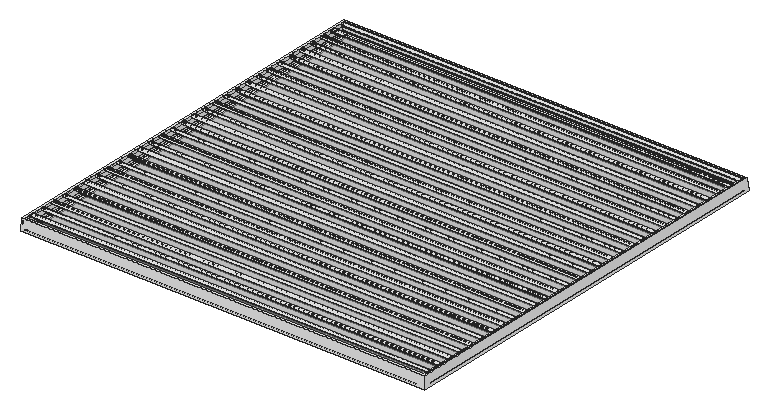
Revit family "NLRS_00_AIR_Muurrooster_ST-431_Storax", category Air Terminals, host Face, Revit 2023 (continued)
Definition of nested family "GEO_louvre_renson ST-033-00"
  Forms (mm)
    Sweep 22, solid, material <- "REN_V Material_01"
      profile "PRF_profile - middle_renson : standaard" origin (0, -194.961, -0.001) x (0, 1, 0) y (0, 0, 1)
        loop
          arc (-9.006, -19.454) -> (-8.248, -20.148) -> (-7.251, -20.4) r 2.1
          line (-7.251, -20.4) -> (-5.511, -20.4)
          arc (-5.511, -20.4) -> (-4.044, -19.871) -> (-3.251, -18.528) r 2.3
          arc (-3.251, -18.528) -> (-1.368, -19.046) -> (0.561, -19.355) r 17.9
          line (0.561, -19.355) -> (0.561, -20.25) -> (2.491, -20.4)
          arc (2.491, -20.4) -> (3.233, -20.071) -> (3.486, -19.3) r 1
          line (3.486, -19.3) -> (1.813, -19.3) -> (1.425, -18.323)
          arc (1.425, -18.323) -> (-1.348, -17.923) -> (-4.016, -17.068) r 16.8
          line (-4.016, -17.068) -> (-4.339, -17.843)
          arc (-4.339, -17.843) -> (-4.576, -18.852) -> (-5.511, -19.3) r 1.2
          line (-5.511, -19.3) -> (-7.251, -19.3)
          arc (-7.251, -19.3) -> (-7.725, -19.18) -> (-8.086, -18.849) r 1
          line (-8.086, -18.849) -> (-20.181, -0.451)
          arc (-20.181, -0.451) -> (-20.542, -0.12) -> (-21.017, 0) r 1
          line (-21.017, 0) -> (-33.33, 0) -> (-31.286, -1.374)
          arc (-31.286, -1.374) -> (-30.736, -1.42) -> (-30.287, -1.1) r 0.8
          line (-30.287, -1.1) -> (-23.809, -1.1) -> (-20.93, -1.25) -> (-19.566, -3.649) -> (-22.193, -3.649)
          arc (-22.193, -3.649) -> (-20.969, -5.184) -> (-19.058, -5.633) r 3
          arc (-19.058, -5.633) -> (-18.261, -5.771) -> (-17.651, -6.302) r 1.5
    Sweep 23, solid, material <- "REN_V Material_01"
      path origin (0, -1131.261, -0.001) x (1, 0, 0) y (0, 1, 0)
        loop
          line (-494.5, 903) -> (494.5, 903)
      profile "PRF_profile - middle_renson : standaard" origin (0, -228.261, -0.001) x (0, 1, 0) y (0, 0, 1)
        loop
          line (-17.651, -6.302) -> (-9.006, -19.454)
          arc (-9.006, -19.454) -> (-8.248, -20.148) -> (-7.251, -20.4) r 2.1
          line (-7.251, -20.4) -> (-5.511, -20.4)
          arc (-5.511, -20.4) -> (-4.044, -19.871) -> (-3.251, -18.528) r 2.3
          arc (-3.251, -18.528) -> (-1.368, -19.046) -> (0.561, -19.355) r 17.9
          line (0.561, -19.355) -> (0.561, -20.25) -> (2.491, -20.4)
          arc (2.491, -20.4) -> (3.233, -20.071) -> (3.486, -19.3) r 1
          line (3.486, -19.3) -> (1.813, -19.3) -> (1.425, -18.323)
          arc (1.425, -18.323) -> (-1.348, -17.923) -> (-4.016, -17.068) r 16.8
          line (-4.016, -17.068) -> (-4.339, -17.843)
          arc (-4.339, -17.843) -> (-4.576, -18.852) -> (-5.511, -19.3) r 1.2
          line (-5.511, -19.3) -> (-7.251, -19.3)
          arc (-7.251, -19.3) -> (-7.725, -19.18) -> (-8.086, -18.849) r 1
          line (-8.086, -18.849) -> (-20.181, -0.451)
          arc (-20.181, -0.451) -> (-20.542, -0.12) -> (-21.017, 0) r 1
          line (-21.017, 0) -> (-33.33, 0) -> (-31.286, -1.374)
          arc (-31.286, -1.374) -> (-30.736, -1.42) -> (-30.287, -1.1) r 0.8
          line (-30.287, -1.1) -> (-23.809, -1.1) -> (-20.93, -1.25) -> (-19.566, -3.649) -> (-22.193, -3.649)
          arc (-22.193, -3.649) -> (-20.969, -5.184) -> (-19.058, -5.633) r 3
          arc (-19.058, -5.633) -> (-18.261, -5.771) -> (-17.651, -6.302) r 1.5
    Sweep 24, solid, material <- "REN_V Material_01"
      path origin (0, -1164.561, -0.001) x (1, 0, 0) y (0, 1, 0)
        loop
          line (-494.5, 903) -> (494.5, 903)
      profile "PRF_profile - middle_renson : standaard" origin (0, -261.561, -0.001) x (0, 1, 0) y (0, 0, 1)
        loop
          line (-17.651, -6.302) -> (-9.006, -19.454)
          arc (-9.006, -19.454) -> (-8.248, -20.148) -> (-7.251, -20.4) r 2.1
          line (-7.251, -20.4) -> (-5.511, -20.4)
          arc (-5.511, -20.4) -> (-4.044, -19.871) -> (-3.251, -18.528) r 2.3
          arc (-3.251, -18.528) -> (-1.368, -19.046) -> (0.561, -19.355) r 17.9
          line (0.561, -19.355) -> (0.561, -20.25) -> (2.491, -20.4)
          arc (2.491, -20.4) -> (3.233, -20.071) -> (3.486, -19.3) r 1
          line (3.486, -19.3) -> (1.813, -19.3) -> (1.425, -18.323)
          arc (1.425, -18.323) -> (-1.348, -17.923) -> (-4.016, -17.068) r 16.8
          line (-4.016, -17.068) -> (-4.339, -17.843)
          arc (-4.339, -17.843) -> (-4.576, -18.852) -> (-5.511, -19.3) r 1.2
          line (-5.511, -19.3) -> (-7.251, -19.3)
          arc (-7.251, -19.3) -> (-7.725, -19.18) -> (-8.086, -18.849) r 1
          line (-8.086, -18.849) -> (-20.181, -0.451)
          arc (-20.181, -0.451) -> (-20.542, -0.12) -> (-21.017, 0) r 1
          line (-21.017, 0) -> (-33.33, 0) -> (-31.286, -1.374)
          arc (-31.286, -1.374) -> (-30.736, -1.42) -> (-30.287, -1.1) r 0.8
          line (-30.287, -1.1) -> (-23.809, -1.1) -> (-20.93, -1.25) -> (-19.566, -3.649) -> (-22.193, -3.649)
          arc (-22.193, -3.649) -> (-20.969, -5.184) -> (-19.058, -5.633) r 3
          arc (-19.058, -5.633) -> (-18.261, -5.771) -> (-17.651, -6.302) r 1.5
    Sweep 25, solid, material <- "REN_V Material_01"
      path origin (0, -1197.861, -0.001) x (1, 0, 0) y (0, 1, 0)
        loop
          line (-494.5, 903) -> (494.5, 903)
      profile "PRF_profile - middle_renson : standaard" origin (0, -294.861, -0.001) x (0, 1, 0) y (0, 0, 1)
        loop
          line (-17.651, -6.302) -> (-9.006, -19.454)
          arc (-9.006, -19.454) -> (-8.248, -20.148) -> (-7.251, -20.4) r 2.1
          line (-7.251, -20.4) -> (-5.511, -20.4)
          arc (-5.511, -20.4) -> (-4.044, -19.871) -> (-3.251, -18.528) r 2.3
          arc (-3.251, -18.528) -> (-1.368, -19.046) -> (0.561, -19.355) r 17.9
          line (0.561, -19.355) -> (0.561, -20.25) -> (2.491, -20.4)
          arc (2.491, -20.4) -> (3.233, -20.071) -> (3.486, -19.3) r 1
          line (3.486, -19.3) -> (1.813, -19.3) -> (1.425, -18.323)
          arc (1.425, -18.323) -> (-1.348, -17.923) -> (-4.016, -17.068) r 16.8
          line (-4.016, -17.068) -> (-4.339, -17.843)
          arc (-4.339, -17.843) -> (-4.576, -18.852) -> (-5.511, -19.3) r 1.2
          line (-5.511, -19.3) -> (-7.251, -19.3)
          arc (-7.251, -19.3) -> (-7.725, -19.18) -> (-8.086, -18.849) r 1
          line (-8.086, -18.849) -> (-20.181, -0.451)
          arc (-20.181, -0.451) -> (-20.542, -0.12) -> (-21.017, 0) r 1
          line (-21.017, 0) -> (-33.33, 0) -> (-31.286, -1.374)
          arc (-31.286, -1.374) -> (-30.736, -1.42) -> (-30.287, -1.1) r 0.8
          line (-30.287, -1.1) -> (-23.809, -1.1) -> (-20.93, -1.25) -> (-19.566, -3.649) -> (-22.193, -3.649)
          arc (-22.193, -3.649) -> (-20.969, -5.184) -> (-19.058, -5.633) r 3
          arc (-19.058, -5.633) -> (-18.261, -5.771) -> (-17.651, -6.302) r 1.5
    Sweep 26, solid, material <- "REN_V Material_01"
      path origin (0, -1231.161, -0.001) x (1, 0, 0) y (0, 1, 0)
        loop
          line (-494.5, 903) -> (494.5, 903)
      profile "PRF_profile - middle_renson : standaard" origin (0, -328.161, -0.001) x (0, 1, 0) y (0, 0, 1)
        loop
          line (-17.651, -6.302) -> (-9.006, -19.454)
          arc (-9.006, -19.454) -> (-8.248, -20.148) -> (-7.251, -20.4) r 2.1
          line (-7.251, -20.4) -> (-5.511, -20.4)
          arc (-5.511, -20.4) -> (-4.044, -19.871) -> (-3.251, -18.528) r 2.3
          arc (-3.251, -18.528) -> (-1.368, -19.046) -> (0.561, -19.355) r 17.9
          line (0.561, -19.355) -> (0.561, -20.25) -> (2.491, -20.4)
          arc (2.491, -20.4) -> (3.233, -20.071) -> (3.486, -19.3) r 1
          line (3.486, -19.3) -> (1.813, -19.3) -> (1.425, -18.323)
          arc (1.425, -18.323) -> (-1.348, -17.923) -> (-4.016, -17.068) r 16.8
          line (-4.016, -17.068) -> (-4.339, -17.843)
          arc (-4.339, -17.843) -> (-4.576, -18.852) -> (-5.511, -19.3) r 1.2
          line (-5.511, -19.3) -> (-7.251, -19.3)
          arc (-7.251, -19.3) -> (-7.725, -19.18) -> (-8.086, -18.849) r 1
          line (-8.086, -18.849) -> (-20.181, -0.451)
          arc (-20.181, -0.451) -> (-20.542, -0.12) -> (-21.017, 0) r 1
          line (-21.017, 0) -> (-33.33, 0) -> (-31.286, -1.374)
          arc (-31.286, -1.374) -> (-30.736, -1.42) -> (-30.287, -1.1) r 0.8
          line (-30.287, -1.1) -> (-23.809, -1.1) -> (-20.93, -1.25) -> (-19.566, -3.649) -> (-22.193, -3.649)
          arc (-22.193, -3.649) -> (-20.969, -5.184) -> (-19.058, -5.633) r 3
          arc (-19.058, -5.633) -> (-18.261, -5.771) -> (-17.651, -6.302) r 1.5
    Sweep 27, solid, material <- "REN_V Material_01"
      path origin (0, -1264.461, -0.001) x (1, 0, 0) y (0, 1, 0)
        loop
          line (-494.5, 903) -> (494.5, 903)
      profile "PRF_profile - middle_renson : standaard" origin (0, -361.461, -0.001) x (0, 1, 0) y (0, 0, 1)
        loop
          line (-17.651, -6.302) -> (-9.006, -19.454)
          arc (-9.006, -19.454) -> (-8.248, -20.148) -> (-7.251, -20.4) r 2.1
          line (-7.251, -20.4) -> (-5.511, -20.4)
          arc (-5.511, -20.4) -> (-4.044, -19.871) -> (-3.251, -18.528) r 2.3
          arc (-3.251, -18.528) -> (-1.368, -19.046) -> (0.561, -19.355) r 17.9
          line (0.561, -19.355) -> (0.561, -20.25) -> (2.491, -20.4)
          arc (2.491, -20.4) -> (3.233, -20.071) -> (3.486, -19.3) r 1
          line (3.486, -19.3) -> (1.813, -19.3) -> (1.425, -18.323)
          arc (1.425, -18.323) -> (-1.348, -17.923) -> (-4.016, -17.068) r 16.8
          line (-4.016, -17.068) -> (-4.339, -17.843)
          arc (-4.339, -17.843) -> (-4.576, -18.852) -> (-5.511, -19.3) r 1.2
          line (-5.511, -19.3) -> (-7.251, -19.3)
          arc (-7.251, -19.3) -> (-7.725, -19.18) -> (-8.086, -18.849) r 1
          line (-8.086, -18.849) -> (-20.181, -0.451)
          arc (-20.181, -0.451) -> (-20.542, -0.12) -> (-21.017, 0) r 1
          line (-21.017, 0) -> (-33.33, 0) -> (-31.286, -1.374)
          arc (-31.286, -1.374) -> (-30.736, -1.42) -> (-30.287, -1.1) r 0.8
          line (-30.287, -1.1) -> (-23.809, -1.1) -> (-20.93, -1.25) -> (-19.566, -3.649) -> (-22.193, -3.649)
          arc (-22.193, -3.649) -> (-20.969, -5.184) -> (-19.058, -5.633) r 3
          arc (-19.058, -5.633) -> (-18.261, -5.771) -> (-17.651, -6.302) r 1.5
    Sweep 28, solid, material <- "REN_V Material_01"
      path origin (0, -1297.761, -0.001) x (1, 0, 0) y (0, 1, 0)
        loop
          line (-494.5, 903) -> (494.5, 903)
      profile "PRF_profile - middle_renson : standaard" origin (0, -394.761, -0.001) x (0, 1, 0) y (0, 0, 1)
        loop
          line (-17.651, -6.302) -> (-9.006, -19.454)
          arc (-9.006, -19.454) -> (-8.248, -20.148) -> (-7.251, -20.4) r 2.1
          line (-7.251, -20.4) -> (-5.511, -20.4)
          arc (-5.511, -20.4) -> (-4.044, -19.871) -> (-3.251, -18.528) r 2.3
          arc (-3.251, -18.528) -> (-1.368, -19.046) -> (0.561, -19.355) r 17.9
          line (0.561, -19.355) -> (0.561, -20.25) -> (2.491, -20.4)
          arc (2.491, -20.4) -> (3.233, -20.071) -> (3.486, -19.3) r 1
          line (3.486, -19.3) -> (1.813, -19.3) -> (1.425, -18.323)
          arc (1.425, -18.323) -> (-1.348, -17.923) -> (-4.016, -17.068) r 16.8
          line (-4.016, -17.068) -> (-4.339, -17.843)
          arc (-4.339, -17.843) -> (-4.576, -18.852) -> (-5.511, -19.3) r 1.2
          line (-5.511, -19.3) -> (-7.251, -19.3)
          arc (-7.251, -19.3) -> (-7.725, -19.18) -> (-8.086, -18.849) r 1
          line (-8.086, -18.849) -> (-20.181, -0.451)
          arc (-20.181, -0.451) -> (-20.542, -0.12) -> (-21.017, 0) r 1
          line (-21.017, 0) -> (-33.33, 0) -> (-31.286, -1.374)
          arc (-31.286, -1.374) -> (-30.736, -1.42) -> (-30.287, -1.1) r 0.8
          line (-30.287, -1.1) -> (-23.809, -1.1) -> (-20.93, -1.25) -> (-19.566, -3.649) -> (-22.193, -3.649)
          arc (-22.193, -3.649) -> (-20.969, -5.184) -> (-19.058, -5.633) r 3
          arc (-19.058, -5.633) -> (-18.261, -5.771) -> (-17.651, -6.302) r 1.5
    Sweep 29, solid, material <- "REN_V Material_01", visible <- "WT_H Blade Profile Normal", not visible
      path origin (0, 50.771, 0) x (1, 0, 0) y (0, 1, 0)
        loop
          line (-494, -500) -> (494, -500)
      profile "NLRS_00_PRF_P-02013 : NLRS_00_PRF_P-02013" origin (0, -449.229, 0) x (0, 1, 0) y (0, 0, 1)
        loop
          arc (-2.993, -18.528) -> (-1.165, -19.034) -> (0.705, -19.343) r 17.9
          arc (0.705, -19.343) -> (1.081, -20.125) -> (1.904, -20.4) r 1.112
          line (1.904, -20.4) -> (2.749, -20.4)
          arc (2.749, -20.4) -> (3.491, -20.071) -> (3.744, -19.3) r 1
          line (3.744, -19.3) -> (1.871, -19.3) -> (1.871, -18.333)
          arc (1.871, -18.333) -> (-1.278, -17.879) -> (-4.284, -16.839) r 16.8
          arc (-4.284, -16.839) -> (-4.573, -17.042) -> (-4.347, -17.313) r 0.24
          arc (-4.347, -17.313) -> (-4.161, -18.598) -> (-5.253, -19.3) r 1.2
          line (-5.253, -19.3) -> (-6.993, -19.3)
          arc (-6.993, -19.3) -> (-7.467, -19.18) -> (-7.828, -18.849) r 1
          line (-7.828, -18.849) -> (-19.923, -0.451)
          arc (-19.923, -0.451) -> (-20.284, -0.12) -> (-20.759, 0) r 1
          line (-20.759, 0) -> (-33.3, 0) -> (-32.711, -0.589) -> (-31.028, -1.374)
          arc (-31.028, -1.374) -> (-30.551, -1.437) -> (-30.124, -1.215) r 0.8
          line (-30.124, -1.215) -> (-29.037, -1.1) -> (-23.798, -1.1) -> (-22.966, -1.25) -> (-20.672, -1.25) -> (-19.308, -3.649) -> (-21.935, -3.649)
          arc (-21.935, -3.649) -> (-20.711, -5.184) -> (-18.8, -5.633) r 3
          arc (-18.8, -5.633) -> (-18.003, -5.771) -> (-17.393, -6.302) r 1.5
          line (-17.393, -6.302) -> (-8.747, -19.454)
          arc (-8.747, -19.454) -> (-7.989, -20.148) -> (-6.993, -20.4) r 2.1
          line (-6.993, -20.4) -> (-5.253, -20.4)
          arc (-5.253, -20.4) -> (-3.785, -19.871) -> (-2.993, -18.528) r 2.3
    Sweep 30, solid, material <- "REN_V Material_01", visible <- "WT_H Blade Profile Small", not visible
      path origin (0, 50.771, 0) x (1, 0, 0) y (0, 1, 0)
        loop
          line (-494, -500) -> (494, -500)
      profile "NLRS_00_PRF_P-02015 : NLRS_00_PRF_P-02015" origin (0, -449.229, 0) x (0, 1, 0) y (0, 0, 1)
        loop
          arc (-3.037, -18.528) -> (-1.21, -19.034) -> (0.661, -19.343) r 17.9
          arc (0.661, -19.343) -> (1.036, -20.125) -> (1.859, -20.4) r 1.112
          line (1.859, -20.4) -> (2.705, -20.4)
          arc (2.705, -20.4) -> (3.447, -20.071) -> (3.7, -19.3) r 1
          line (3.7, -19.3) -> (1.827, -19.3) -> (1.827, -18.333)
          arc (1.827, -18.333) -> (-1.322, -17.879) -> (-4.329, -16.839) r 16.8
          arc (-4.329, -16.839) -> (-4.617, -17.042) -> (-4.391, -17.313) r 0.24
          arc (-4.391, -17.313) -> (-4.205, -18.598) -> (-5.297, -19.3) r 1.2
          line (-5.297, -19.3) -> (-7.037, -19.3)
          arc (-7.037, -19.3) -> (-7.512, -19.18) -> (-7.873, -18.849) r 1
          line (-7.873, -18.849) -> (-19.967, -0.451)
          arc (-19.967, -0.451) -> (-20.328, -0.12) -> (-20.803, 0) r 1
          line (-20.803, 0) -> (-26.155, 0) -> (-26.155, -1.25) -> (-20.716, -1.25) -> (-19.353, -3.649) -> (-21.979, -3.649)
          arc (-21.979, -3.649) -> (-20.755, -5.184) -> (-18.844, -5.633) r 3
          arc (-18.844, -5.633) -> (-18.047, -5.771) -> (-17.438, -6.302) r 1.5
          line (-17.438, -6.302) -> (-8.792, -19.454)
          arc (-8.792, -19.454) -> (-8.034, -20.148) -> (-7.037, -20.4) r 2.1
          line (-7.037, -20.4) -> (-5.297, -20.4)
          arc (-5.297, -20.4) -> (-3.83, -19.871) -> (-3.037, -18.528) r 2.3
    Sweep 31, solid, material <- "REN_V Material_01", visible <- "WT_H Blade Profile Large", not visible
      path origin (0, 50.771, 0) x (1, 0, 0) y (0, 1, 0)
        loop
          line (-494, -500) -> (494, -500)
      profile "NLRS_00_PRF_P-02016 : NLRS_00_PRF_P-02016" origin (0, -449.229, 0) x (0, 1, 0) y (0, 0, 1)
        loop
          arc (-3.037, -18.528) -> (-1.21, -19.034) -> (0.661, -19.343) r 17.9
          arc (0.661, -19.343) -> (1.036, -20.125) -> (1.859, -20.4) r 1.112
          line (1.859, -20.4) -> (2.705, -20.4)
          arc (2.705, -20.4) -> (3.447, -20.071) -> (3.7, -19.3) r 1
          line (3.7, -19.3) -> (1.827, -19.3) -> (1.827, -18.333)
          arc (1.827, -18.333) -> (-1.122, -17.926) -> (-3.952, -17.005) r 16.8
          arc (-3.952, -17.005) -> (-4.387, -17.184) -> (-4.199, -17.616) r 0.329
          arc (-4.199, -17.616) -> (-4.292, -18.755) -> (-5.297, -19.3) r 1.2
          line (-5.297, -19.3) -> (-7.037, -19.3)
          arc (-7.037, -19.3) -> (-7.512, -19.18) -> (-7.873, -18.849) r 1
          line (-7.873, -18.849) -> (-19.967, -0.451)
          arc (-19.967, -0.451) -> (-20.328, -0.12) -> (-20.803, 0) r 1
          line (-20.803, 0) -> (-34.214, 0) -> (-34.788, -0.993) -> (-45.799, -0.993) -> (-45.194, -1.598) -> (-43.544, -2.367)
          arc (-43.544, -2.367) -> (-43.097, -2.435) -> (-42.685, -2.25) r 0.8
          line (-42.685, -2.25) -> (-34.589, -2.25)
          arc (-34.589, -2.25) -> (-33.882, -1.957) -> (-33.589, -1.25) r 1
          line (-33.589, -1.25) -> (-20.716, -1.25) -> (-19.353, -3.649) -> (-21.979, -3.649)
          arc (-21.979, -3.649) -> (-20.755, -5.184) -> (-18.844, -5.633) r 3
          arc (-18.844, -5.633) -> (-18.047, -5.771) -> (-17.438, -6.302) r 1.5
          line (-17.438, -6.302) -> (-8.792, -19.454)
          arc (-8.792, -19.454) -> (-8.034, -20.148) -> (-7.037, -20.4) r 2.1
          line (-7.037, -20.4) -> (-5.297, -20.4)
          arc (-5.297, -20.4) -> (-3.83, -19.871) -> (-3.037, -18.528) r 2.3
    Sweep 32, solid, material <- "REN_V Material_01", visible <- "WT_H Blade Profile Large"
      path origin (0, 49.1, 0) x (1, 0, 0) y (0, 1, 0)
        loop
          line (-494.5, -510.7) -> (494.5, -510.7)
      profile "NLRS_00_PRF_P-02016 : NLRS_00_PRF_P-02016" origin (0, -461.6, 0) x (0, 1, 0) y (0, 0, 1)
        loop
          arc (-3.037, -18.528) -> (-1.21, -19.034) -> (0.661, -19.343) r 17.9
          arc (0.661, -19.343) -> (1.036, -20.125) -> (1.859, -20.4) r 1.112
          line (1.859, -20.4) -> (2.705, -20.4)
          arc (2.705, -20.4) -> (3.447, -20.071) -> (3.7, -19.3) r 1
          line (3.7, -19.3) -> (1.827, -19.3) -> (1.827, -18.333)
          arc (1.827, -18.333) -> (-1.122, -17.926) -> (-3.952, -17.005) r 16.8
          arc (-3.952, -17.005) -> (-4.387, -17.184) -> (-4.199, -17.616) r 0.329
          arc (-4.199, -17.616) -> (-4.292, -18.755) -> (-5.297, -19.3) r 1.2
          line (-5.297, -19.3) -> (-7.037, -19.3)
          arc (-7.037, -19.3) -> (-7.512, -19.18) -> (-7.873, -18.849) r 1
          line (-7.873, -18.849) -> (-19.967, -0.451)
          arc (-19.967, -0.451) -> (-20.328, -0.12) -> (-20.803, 0) r 1
          line (-20.803, 0) -> (-34.214, 0) -> (-34.788, -0.993) -> (-45.799, -0.993) -> (-45.194, -1.598) -> (-43.544, -2.367)
          arc (-43.544, -2.367) -> (-43.097, -2.435) -> (-42.685, -2.25) r 0.8
          line (-42.685, -2.25) -> (-34.589, -2.25)
          arc (-34.589, -2.25) -> (-33.882, -1.957) -> (-33.589, -1.25) r 1
          line (-33.589, -1.25) -> (-20.716, -1.25) -> (-19.353, -3.649) -> (-21.979, -3.649)
          arc (-21.979, -3.649) -> (-20.755, -5.184) -> (-18.844, -5.633) r 3
          arc (-18.844, -5.633) -> (-18.047, -5.771) -> (-17.438, -6.302) r 1.5
          line (-17.438, -6.302) -> (-8.792, -19.454)
          arc (-8.792, -19.454) -> (-8.034, -20.148) -> (-7.037, -20.4) r 2.1
          line (-7.037, -20.4) -> (-5.297, -20.4)
          arc (-5.297, -20.4) -> (-3.83, -19.871) -> (-3.037, -18.528) r 2.3
    Sweep 33, solid, material <- "REN_V Material_01", visible <- "WT_H Blade Profile Small"
      path origin (0, 49.1, 0) x (1, 0, 0) y (0, 1, 0)
        loop
          line (-494.5, -510.7) -> (494.5, -510.7)
      profile "NLRS_00_PRF_P-02015 : NLRS_00_PRF_P-02015" origin (0, -461.6, 0) x (0, 1, 0) y (0, 0, 1)
        loop
          arc (-3.037, -18.528) -> (-1.21, -19.034) -> (0.661, -19.343) r 17.9
          arc (0.661, -19.343) -> (1.036, -20.125) -> (1.859, -20.4) r 1.112
          line (1.859, -20.4) -> (2.705, -20.4)
          arc (2.705, -20.4) -> (3.447, -20.071) -> (3.7, -19.3) r 1
          line (3.7, -19.3) -> (1.827, -19.3) -> (1.827, -18.333)
          arc (1.827, -18.333) -> (-1.322, -17.879) -> (-4.329, -16.839) r 16.8
          arc (-4.329, -16.839) -> (-4.617, -17.042) -> (-4.391, -17.313) r 0.24
          arc (-4.391, -17.313) -> (-4.205, -18.598) -> (-5.297, -19.3) r 1.2
          line (-5.297, -19.3) -> (-7.037, -19.3)
          arc (-7.037, -19.3) -> (-7.512, -19.18) -> (-7.873, -18.849) r 1
          line (-7.873, -18.849) -> (-19.967, -0.451)
          arc (-19.967, -0.451) -> (-20.328, -0.12) -> (-20.803, 0) r 1
          line (-20.803, 0) -> (-26.155, 0) -> (-26.155, -1.25) -> (-20.716, -1.25) -> (-19.353, -3.649) -> (-21.979, -3.649)
          arc (-21.979, -3.649) -> (-20.755, -5.184) -> (-18.844, -5.633) r 3
          arc (-18.844, -5.633) -> (-18.047, -5.771) -> (-17.438, -6.302) r 1.5
          line (-17.438, -6.302) -> (-8.792, -19.454)
          arc (-8.792, -19.454) -> (-8.034, -20.148) -> (-7.037, -20.4) r 2.1
          line (-7.037, -20.4) -> (-5.297, -20.4)
          arc (-5.297, -20.4) -> (-3.83, -19.871) -> (-3.037, -18.528) r 2.3
    Sweep 34, solid, material <- "REN_V Material_01", visible <- "WT_H Blade Profile Normal"
      path origin (0, 49.056, 0) x (1, 0, 0) y (0, 1, 0)
        loop
          line (-494.5, -510.7) -> (494.5, -510.7)
      profile "NLRS_00_PRF_P-02013 : NLRS_00_PRF_P-02013" origin (0, -461.644, 0) x (0, 1, 0) y (0, 0, 1)
        loop
          arc (-2.993, -18.528) -> (-1.165, -19.034) -> (0.705, -19.343) r 17.9
          arc (0.705, -19.343) -> (1.081, -20.125) -> (1.904, -20.4) r 1.112
          line (1.904, -20.4) -> (2.749, -20.4)
          arc (2.749, -20.4) -> (3.491, -20.071) -> (3.744, -19.3) r 1
          line (3.744, -19.3) -> (1.871, -19.3) -> (1.871, -18.333)
          arc (1.871, -18.333) -> (-1.278, -17.879) -> (-4.284, -16.839) r 16.8
          arc (-4.284, -16.839) -> (-4.573, -17.042) -> (-4.347, -17.313) r 0.24
          arc (-4.347, -17.313) -> (-4.161, -18.598) -> (-5.253, -19.3) r 1.2
          line (-5.253, -19.3) -> (-6.993, -19.3)
          arc (-6.993, -19.3) -> (-7.467, -19.18) -> (-7.828, -18.849) r 1
          line (-7.828, -18.849) -> (-19.923, -0.451)
          arc (-19.923, -0.451) -> (-20.284, -0.12) -> (-20.759, 0) r 1
          line (-20.759, 0) -> (-33.3, 0) -> (-32.711, -0.589) -> (-31.028, -1.374)
          arc (-31.028, -1.374) -> (-30.551, -1.437) -> (-30.124, -1.215) r 0.8
          line (-30.124, -1.215) -> (-29.037, -1.1) -> (-23.798, -1.1) -> (-22.966, -1.25) -> (-20.672, -1.25) -> (-19.308, -3.649) -> (-21.935, -3.649)
          arc (-21.935, -3.649) -> (-20.711, -5.184) -> (-18.8, -5.633) r 3
          arc (-18.8, -5.633) -> (-18.003, -5.771) -> (-17.393, -6.302) r 1.5
          line (-17.393, -6.302) -> (-8.747, -19.454)
          arc (-8.747, -19.454) -> (-7.989, -20.148) -> (-6.993, -20.4) r 2.1
          line (-6.993, -20.4) -> (-5.253, -20.4)
          arc (-5.253, -20.4) -> (-3.785, -19.871) -> (-2.993, -18.528) r 2.3
    Sweep 35, solid, material <- "REN_V Material_01"
      path origin (0, -1331.061, -0.001) x (1, 0, 0) y (0, 1, 0)
        loop
          line (-494.5, 903) -> (494.5, 903)
      profile "PRF_profile - middle_renson : standaard" origin (0, -428.061, -0.001) x (0, 1, 0) y (0, 0, 1)
        loop
          line (-17.651, -6.302) -> (-9.006, -19.454)
          arc (-9.006, -19.454) -> (-8.248, -20.148) -> (-7.251, -20.4) r 2.1
          line (-7.251, -20.4) -> (-5.511, -20.4)
          arc (-5.511, -20.4) -> (-4.044, -19.871) -> (-3.251, -18.528) r 2.3
          arc (-3.251, -18.528) -> (-1.368, -19.046) -> (0.561, -19.355) r 17.9
          line (0.561, -19.355) -> (0.561, -20.25) -> (2.491, -20.4)
          arc (2.491, -20.4) -> (3.233, -20.071) -> (3.486, -19.3) r 1
          line (3.486, -19.3) -> (1.813, -19.3) -> (1.425, -18.323)
          arc (1.425, -18.323) -> (-1.348, -17.923) -> (-4.016, -17.068) r 16.8
          line (-4.016, -17.068) -> (-4.339, -17.843)
          arc (-4.339, -17.843) -> (-4.576, -18.852) -> (-5.511, -19.3) r 1.2
          line (-5.511, -19.3) -> (-7.251, -19.3)
          arc (-7.251, -19.3) -> (-7.725, -19.18) -> (-8.086, -18.849) r 1
          line (-8.086, -18.849) -> (-20.181, -0.451)
          arc (-20.181, -0.451) -> (-20.542, -0.12) -> (-21.017, 0) r 1
          line (-21.017, 0) -> (-33.33, 0) -> (-31.286, -1.374)
          arc (-31.286, -1.374) -> (-30.736, -1.42) -> (-30.287, -1.1) r 0.8
          line (-30.287, -1.1) -> (-23.809, -1.1) -> (-20.93, -1.25) -> (-19.566, -3.649) -> (-22.193, -3.649)
          arc (-22.193, -3.649) -> (-20.969, -5.184) -> (-19.058, -5.633) r 3
          arc (-19.058, -5.633) -> (-18.261, -5.771) -> (-17.651, -6.302) r 1.5
  Dimensions and locks
    equal spacing: plane 5, plane 3 "Center (Left/Right)", plane 6
    "WT_H Width": plane 5 to plane 6
    equal spacing: plane 7, plane 1 "Center (Front/Back)", plane 8
    "WT_H Height": plane 8 to plane 7
    "WT_H Depth": level to plane 4 "top"
    level to plane 9 = 5 mm
    "WT_H Profile middle_offset": plane 10 to plane 11
    "WT_H Width": Sweep 3 sketch curve to Sweep 3 sketch curve
    "WT_H Width": Sweep 4 sketch curve to Sweep 4 sketch curve
    equal spacing: group 1, group 2, group 3, group 4, group 5, group 6, group 7, group 8, group 9, group 10, group 11, group 12, group 13, group 14, group 15, group 16, group 17, group 18, group 19, group 20, group 21, group 22, group 23, group 24, group 25, group 26, group 30  (x2)
    equal spacing: group 30, group 26, group 25, group 24, group 23, group 22, group 21, group 20, group 19, group 18, group 17, group 16, group 15, group 14, group 13, group 12, group 11, group 10, group 9, group 8, group 7, group 6, group 5, group 4, group 3, group 2, group 1
    "WT_H Width": Sweep 5 sketch curve to Sweep 5 sketch curve
    "WT_H Width": Sweep 6 sketch curve to Sweep 6 sketch curve
    "WT_H Width": Sweep 7 sketch curve to Sweep 7 sketch curve
    "WT_H Width": Sweep 8 sketch curve to Sweep 8 sketch curve
    "WT_H Width": Sweep 9 sketch curve to Sweep 9 sketch curve
    "WT_H Width": Sweep 10 sketch curve to Sweep 10 sketch curve
    "WT_H Width": Sweep 11 sketch curve to Sweep 11 sketch curve
    "WT_H Width": Sweep 12 sketch curve to Sweep 12 sketch curve
    "WT_H Width": Sweep 13 sketch curve to Sweep 13 sketch curve
    "WT_H Width": Sweep 14 sketch curve to Sweep 14 sketch curve
    "WT_H Width": Sweep 15 sketch curve to Sweep 15 sketch curve
    "WT_H Width": Sweep 16 sketch curve to Sweep 16 sketch curve
    "WT_H Width": Sweep 17 sketch curve to Sweep 17 sketch curve
    "WT_H Width": Sweep 18 sketch curve to Sweep 18 sketch curve
    "WT_H Width": Sweep 19 sketch curve to Sweep 19 sketch curve
    "WT_H Width": Sweep 20 sketch curve to Sweep 20 sketch curve
    plane 7 to plane 8 = 1000 mm
    "WT_H_Flange Thickness": plane 7 to plane 41
    "WT_H Width": Sweep 21 sketch curve to Sweep 21 sketch curve
    "WT_H Width": Sweep 22 sketch curve to Sweep 22 sketch curve
    "WT_H Width": Sweep 23 sketch curve to Sweep 23 sketch curve
    "WT_H Width": Sweep 24 sketch curve to Sweep 24 sketch curve
    "WT_H Width": Sweep 25 sketch curve to Sweep 25 sketch curve
    "WT_H Width": Sweep 26 sketch curve to Sweep 26 sketch curve
    "WT_H Width": Sweep 27 sketch curve to Sweep 27 sketch curve
    "WT_H Width": Sweep 28 sketch curve to Sweep 28 sketch curve
    "WT_H_Flange Thickness": plane 42 to plane 8
    "WT_H Remaining Height": plane 43 to plane 42
    "WT_H Remaining Height": plane 44 to plane 42
    "WT_H Remaining Height": plane 45 to plane 42
    Sweep 34 to plane 8 = 5.645 mm
    "WT_H Width": Sweep 35 sketch curve to Sweep 35 sketch curve
    "WT_H Profile top_offset": plane 46 to plane 10
    plane 41 to plane 46 = 1 mm
    plane 37 to plane 47 = 33.3 mm
    plane 12 to plane 10 = 2.925 mm
    plane 41 to plane 42 = 980 mm
    plane 47 to plane 45 = 33.325 mm
    aligned and locked: plane 2 to Extrusion 1
    aligned and locked: level to Extrusion 1
    aligned and locked: plane 5 to Sweep 2 sketch curve
    aligned and locked: plane 6 to Sweep 2 sketch curve
    aligned and locked: Sweep 3 to plane 10  (x3)
    aligned and locked: Sweep 4 to plane 11
    aligned and locked: plane 45 to Sweep 34
    aligned and locked: plane 43 to Sweep 32
    aligned and locked: plane 44 to Sweep 33
    aligned and locked: plane 5 to Sweep 34 sketch curve
    aligned and locked: plane 6 to Sweep 34 sketch curve
    aligned and locked: plane 6 to Sweep 33 sketch curve
    aligned and locked: plane 5 to Sweep 33 sketch curve
    aligned and locked: plane 6 to Sweep 32 sketch curve
    aligned and locked: plane 5 to Sweep 32 sketch curve
    aligned and locked: plane 46 to Sweep 2 sketch curve
  Automatic sketch dimensions
    Extrusion 1 sketch curve to Extrusion 1 sketch curve = 2438.4 mm  (x2)
    plane 38 to Sweep 29 sketch curve = 3.744 mm
    Sweep 29 sketch curve to Sweep 29 sketch curve = 988 mm
    plane 39 to Sweep 30 sketch curve = 3.744 mm
    Sweep 30 sketch curve to Sweep 30 sketch curve = 988 mm
    plane 40 to Sweep 31 sketch curve = 3.744 mm
    Sweep 31 sketch curve to Sweep 31 sketch curve = 988 mm
    plane 43 to Sweep 32 sketch curve = 3.7 mm
    plane 44 to Sweep 33 sketch curve = 3.7 mm
    plane 45 to Sweep 34 sketch curve = 3.744 mm
Definition of nested family "NLRS_00_GM_Gaas_Storax"
  Parameters (values of type "Leeg")
    Width [instance] = 1011.1 mm
    Offset_Gaas_Top_Sides [instance] = 5.5 mm
    Offset_Gaas_Bottom [instance] = 5.5 mm
    Muis/vogelwerend (6x6mm) = no
    Muis/vogelwerend (10x10mm) = no
    Insectengaas (2,3x2,3mm) = no
    Height [instance] = 1011.1 mm
    Type Comments = ""
    Default Elevation = 1219.2 mm
  Types (4, lengths in mm): name | Width | Offset_Gaas_Top_Sides | Muis/vogelwerend (6x6mm) | Muis/vogelwerend (10x10mm) | Insectengaas (2,3x2,3mm) | Height
    Insectengaas 2.3x2.3mm | 1011.1 | 5.5 | no | no | yes | 1011.1
    Muis/Vogelwerend 10x10mm | 1600 | 5.5 | no | yes | no | 1600
    Muis/vogelwerend 6x6mm | 1800 | 10 | yes | no | no | 1800
    Leeg | 1011.1 | 5.5 | no | no | no | 1011.1
  Reference planes
    plane 1 "Center (Front/Back)": y = 0
    plane 2 "Bottom": z = 0
    plane 3 "Left": x = 0
    plane 4 "Right": x = 1011.1
    plane 5: x = 505.55
    plane 6: z = 23.971
    plane 7: z = 23.971
    plane 8: z = 23.971
    plane 9: x = 5.5
    plane 10: x = 1005.6
    plane 11: z = 1011.1
    plane 12: z = 1005.6
    plane 13: z = 5.5
    plane 14: z = 505.55
  Forms (mm)
    Extrusion 1, solid, visible <- "Insectengaas (2,3x2,3mm)"
      sketch origin (0, 0, 0) x (1, 0, 0) y (0, 1, 0)
        loop
          line (5.5, -28.5) -> (5.5, -29.3) -> (1005.6, -29.3) -> (1005.6, -28.5) -> (5.5, -28.5)
      from 5.5 to 1005.6
    Extrusion 2, solid, visible <- "Muis/vogelwerend (10x10mm)"
      sketch origin (0, 0, 0) x (1, 0, 0) y (0, 1, 0)
        loop
          line (5.5, -28.5) -> (5.5, -29.3) -> (1005.6, -29.3) -> (1005.6, -28.5) -> (5.5, -28.5)
      from 5.5 to 1005.6
    Extrusion 3, solid, visible <- "Muis/vogelwerend (6x6mm)"
      sketch origin (0, 0, 0) x (1, 0, 0) y (0, 1, 0)
        loop
          line (5.5, -28.5) -> (5.5, -29.3) -> (1005.6, -29.3) -> (1005.6, -28.5) -> (5.5, -28.5)
      from 5.5 to 1005.6
  Dimensions and locks
    "Width": plane 4 "Right" to plane 3 "Left"
    equal spacing: plane 3 "Left", plane 5, plane 4 "Right"
    plane 4 "Right" to plane 3 "Left" = 1011.1 mm
    plane 3 "Left" to plane 9 = 5.5 mm
    plane 10 to plane 4 "Right" = 5.5 mm
    "Offset_Gaas_Top_Sides": plane 10 to plane 4 "Right"
    "Offset_Gaas_Top_Sides": plane 9 to plane 3 "Left"
    "Offset_Gaas_Top_Sides": plane 12 to plane 11
    "Offset_Gaas_Bottom": plane 13 to level
    plane 3 "Left" to plane 4 "Right" = 1011.1 mm
    "Height": plane 11 to level
    equal spacing: plane 11, plane 14, level
    aligned and locked: plane 10 to Extrusion 1 sketch curve
    aligned and locked: Extrusion 1 to plane 9
    aligned and locked: Extrusion 1 to plane 10
    aligned and locked: Extrusion 3 to plane 12
    aligned and locked: Extrusion 1 to plane 12
    aligned and locked: Extrusion 2 to plane 12
    aligned and locked: Extrusion 3 to plane 13
    aligned and locked: Extrusion 2 to plane 13
    aligned and locked: Extrusion 1 to plane 13
  Automatic sketch dimensions
    plane 1 "Center (Front/Back)" to Extrusion 1 sketch curve = 29.3 mm
    Extrusion 1 sketch curve to Extrusion 1 sketch curve = 0.8 mm
    plane 9 to Extrusion 1 sketch curve = 0 mm
    Extrusion 2 sketch curve to plane 9 = 0 mm
    Extrusion 2 sketch curve to plane 10 = 0 mm
    plane 1 "Center (Front/Back)" to Extrusion 2 sketch curve = 29.3 mm
    Extrusion 2 sketch curve to Extrusion 2 sketch curve = 0.8 mm
    Extrusion 3 sketch curve to plane 9 = 0 mm
    Extrusion 3 sketch curve to plane 10 = 0 mm
    plane 1 "Center (Front/Back)" to Extrusion 3 sketch curve = 29.3 mm
    Extrusion 3 sketch curve to Extrusion 3 sketch curve = 0.8 mm
  Nested families
    nested 1: "NLRS_00_GM_P-02015" at (600, -23.5, -9.315), type "Type 1", not visible
      with Width 1788.9 mm, Length 500 mm
    nested 2: "NLRS_00_GM_P-02016" at (600, -23.5, -9.315), type "Type 1", not visible
      with Width 1788.9 mm, Length 500 mm
    nested 3: "NLRS_00_GM_P-02016" at (900, -23.5, -9.315), type "Type 1", not visible
      with Width 1800 mm, Length 500 mm
  Definition of nested family "NLRS_00_GM_P-02015"
    Parameters (values of type "Type 1")
      Width [instance] = 900 mm
      Material and Finish = none
      Length [instance] = 500 mm
      Default Elevation = 0 mm
      Connector width = 232.51 mm
    Reference planes
      plane 1 "Center (Front/Back)": y = 0
      plane 2: z = 0
      plane 3 "Center (Left/Right)": x = 0
      plane 4: x = -450
      plane 5: x = 450
    Forms (mm)
      Sweep 1, solid
        path origin (0, 0, 0) x (1, 0, 0) y (0, 1, 0)
          loop
            line (450, 0) -> (-450, 0)
        profile "NLRS_00_PRF_P-02015 : NLRS_00_PRF_P-02015" origin (0, 0, 0) x (0, -1, 0) y (0, 0, 1)
          loop
            arc (-1.872, 30.263) -> (-1.366, 32.09) -> (-1.057, 33.961) r 17.9
            arc (-1.057, 33.961) -> (-0.275, 34.336) -> (0, 35.159) r 1.112
            line (0, 35.159) -> (0, 36.005)
            arc (0, 36.005) -> (-0.329, 36.747) -> (-1.1, 37) r 1
            line (-1.1, 37) -> (-1.1, 35.127) -> (-2.067, 35.127)
            arc (-2.067, 35.127) -> (-2.521, 31.978) -> (-3.561, 28.971) r 16.8
            arc (-3.561, 28.971) -> (-3.358, 28.683) -> (-3.087, 28.909) r 0.24
            arc (-3.087, 28.909) -> (-1.802, 29.095) -> (-1.1, 28.003) r 1.2
            line (-1.1, 28.003) -> (-1.1, 26.263)
            arc (-1.1, 26.263) -> (-1.22, 25.788) -> (-1.551, 25.427) r 1
            line (-1.551, 25.427) -> (-19.949, 13.333)
            arc (-19.949, 13.333) -> (-20.28, 12.972) -> (-20.4, 12.497) r 1
            line (-20.4, 12.497) -> (-20.4, 7.145) -> (-19.15, 7.145) -> (-19.15, 12.584) -> (-16.751, 13.947) -> (-16.751, 11.321)
            arc (-16.751, 11.321) -> (-15.216, 12.545) -> (-14.767, 14.456) r 3
            arc (-14.767, 14.456) -> (-14.629, 15.253) -> (-14.098, 15.862) r 1.5
            line (-14.098, 15.862) -> (-0.946, 24.508)
            arc (-0.946, 24.508) -> (-0.252, 25.266) -> (0, 26.263) r 2.1
            line (0, 26.263) -> (0, 28.003)
            arc (0, 28.003) -> (-0.529, 29.47) -> (-1.872, 30.263) r 2.3
    Dimensions and locks
      equal spacing: plane 5, plane 3 "Center (Left/Right)", plane 4
      "Width": plane 5 to plane 4
      aligned and locked: level to plane 2
      aligned and locked: plane 4 to Sweep 1 sketch curve
      aligned and locked: plane 5 to Sweep 1 sketch curve
    Automatic sketch dimensions
      plane 1 "Center (Front/Back)" to Sweep 1 sketch curve = 0 mm
  Definition of nested family "NLRS_00_GM_P-02016"
    Parameters (values of type "Type 1")
      Width [instance] = 900 mm
      Material and Finish = none
      Length [instance] = 500 mm
      Default Elevation = 0 mm
      Connector width = 232.51 mm
    Reference planes
      plane 1 "Center (Front/Back)": y = 0
      plane 2: z = 0
      plane 3 "Center (Left/Right)": x = 0
      plane 4: x = -450
      plane 5: x = 450
    Forms (mm)
      Sweep 1, solid
        path origin (0, 0, 0) x (1, 0, 0) y (0, 1, 0)
          loop
            line (450, 0) -> (-450, 0)
        profile "NLRS_00_PRF_P-02016 : NLRS_00_PRF_P-02016" origin (0, 0, 0) x (0, -1, 0) y (0, 0, 1)
          loop
            arc (-1.872, 30.263) -> (-1.366, 32.09) -> (-1.057, 33.961) r 17.9
            arc (-1.057, 33.961) -> (-0.275, 34.336) -> (0, 35.159) r 1.112
            line (0, 35.159) -> (0, 36.005)
            arc (0, 36.005) -> (-0.329, 36.747) -> (-1.1, 37) r 1
            line (-1.1, 37) -> (-1.1, 35.127) -> (-2.067, 35.127)
            arc (-2.067, 35.127) -> (-2.474, 32.178) -> (-3.395, 29.348) r 16.8
            arc (-3.395, 29.348) -> (-3.216, 28.913) -> (-2.784, 29.101) r 0.329
            arc (-2.784, 29.101) -> (-1.645, 29.008) -> (-1.1, 28.003) r 1.2
            line (-1.1, 28.003) -> (-1.1, 26.263)
            arc (-1.1, 26.263) -> (-1.22, 25.788) -> (-1.551, 25.427) r 1
            line (-1.551, 25.427) -> (-19.949, 13.333)
            arc (-19.949, 13.333) -> (-20.28, 12.972) -> (-20.4, 12.497) r 1
            line (-20.4, 12.497) -> (-20.4, -0.914) -> (-19.407, -1.488) -> (-19.407, -12.499) -> (-18.802, -11.894) -> (-18.033, -10.244)
            arc (-18.033, -10.244) -> (-17.965, -9.797) -> (-18.15, -9.385) r 0.8
            line (-18.15, -9.385) -> (-18.15, -1.289)
            arc (-18.15, -1.289) -> (-18.443, -0.582) -> (-19.15, -0.289) r 1
            line (-19.15, -0.289) -> (-19.15, 12.584) -> (-16.751, 13.947) -> (-16.751, 11.321)
            arc (-16.751, 11.321) -> (-15.216, 12.545) -> (-14.767, 14.456) r 3
            arc (-14.767, 14.456) -> (-14.629, 15.253) -> (-14.098, 15.862) r 1.5
            line (-14.098, 15.862) -> (-0.946, 24.508)
            arc (-0.946, 24.508) -> (-0.252, 25.266) -> (0, 26.263) r 2.1
            line (0, 26.263) -> (0, 28.003)
            arc (0, 28.003) -> (-0.529, 29.47) -> (-1.872, 30.263) r 2.3
    Dimensions and locks
      equal spacing: plane 5, plane 3 "Center (Left/Right)", plane 4
      "Width": plane 5 to plane 4
      aligned and locked: level to plane 2
      aligned and locked: plane 4 to Sweep 1 sketch curve
      aligned and locked: plane 5 to Sweep 1 sketch curve
    Automatic sketch dimensions
      plane 1 "Center (Front/Back)" to Sweep 1 sketch curve = 0 mm
